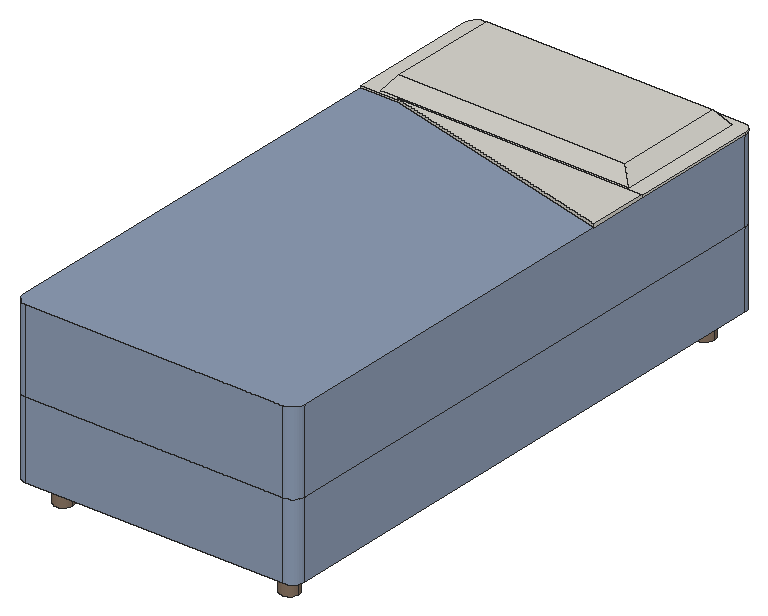
Revit family
Parameters (values of type "Single")
  Width = 920 mm
  Length = 1880 mm
  Height = 600 mm
  Feet = 80 mm
  Base = 250 mm
Types (3, lengths in mm): name | Width | Length
  (no name) | 920 | 1880
  Single | 920 | 1880
  King Single | 1070 | 2030
Reference planes
  plane 1 "Center (Front/Back)": y = 0
  plane 2: z = 0
  plane 3 "Center (Left/Right)": x = -22.674
  plane 4: y = -1880
  plane 5: x = -482.674
  plane 6: x = 437.326
  plane 7 "Base": z = 80
  plane 8 "Mattress": z = 330
  plane 9 "Top": z = 600
  plane 10: y = -1790
  plane 11: y = -90
  plane 12: x = -392.674
  plane 13: x = 347.326
Forms (mm)
  Extrusion 1, solid, material "Fabric.Bed.Cover"
    sketch origin (0, 0, 80) x (0, -1, 0) y (1, 0, 0)
      loop
        line (1880, -442.674) -> (1880, 397.326)
        arc (1880, 397.326) -> (1868.284, 425.61) -> (1840, 437.326) r 40
        line (1840, 437.326) -> (40, 437.326)
        arc (40, 437.326) -> (11.716, 425.61) -> (0, 397.326) r 40
        line (0, 397.326) -> (0, -442.674)
        arc (0, -442.674) -> (11.716, -470.958) -> (40, -482.674) r 40
        line (40, -482.674) -> (1840, -482.674)
        arc (1840, -482.674) -> (1868.284, -470.958) -> (1880, -442.674) r 40
    from 0 to 250
  Extrusion 2, solid, material "Fabric.Bed.Cover"
    sketch origin (0, 0, 330) x (0, -1, 0) y (1, 0, 0)
      loop
        arc (0, -442.674) -> (11.716, -470.958) -> (40, -482.674) r 40
        line (40, -482.674) -> (1840, -482.674)
        arc (1840, -482.674) -> (1868.284, -470.958) -> (1880, -442.674) r 40
        line (1880, -442.674) -> (1880, 397.326)
        arc (1880, 397.326) -> (1868.284, 425.61) -> (1840, 437.326) r 40
        line (1840, 437.326) -> (40, 437.326)
        arc (40, 437.326) -> (11.716, 425.61) -> (0, 397.326) r 40
        line (0, 397.326) -> (0, -442.674)
    from 0 to 270
  Extrusion 3, solid, material "Wood.Teak"
    sketch origin (0, 0, 0) x (1, 0, 0) y (0, 1, 0)
      loop
        circle (-392.674, -90) r 30
      loop
        circle (347.326, -90) r 30
      loop
        circle (-392.674, -1790) r 30
      loop
        circle (347.326, -1790) r 30
    from 0 to 80
  Extrusion 4, solid, material "Fabric.Bed.Linen"
    sketch origin (0, 0, 600) x (0, -1, 0) y (1, 0, 0)
      loop
        line (460, -362.674) -> (657.678, 437.326) -> (460, 437.326) -> (460, -362.674)
    from 0 to 10
  Extrusion 5, solid, material "Fabric.Bed.Linen"
    sketch origin (0, 0, 600) x (0, -1, 0) y (1, 0, 0)
      loop
        line (460, -482.674) -> (460, 437.326) -> (40, 437.326)
        arc (40, 437.326) -> (11.716, 425.61) -> (0, 397.326) r 40
        line (0, 397.326) -> (0, -442.674)
        arc (0, -442.674) -> (11.716, -470.958) -> (40, -482.674) r 40
        line (40, -482.674) -> (460, -482.674)
    from 0 to 5
  Blend 6, solid, material "Fabric.Bed.Linen"
    base sketch origin (0, 0, 600) x (0, -1, 0) y (1, 0, 0)
      loop
        line (446.212, -427.542) -> (446.212, 382.458) -> (26.212, 382.458) -> (26.212, -427.542) -> (446.212, -427.542)
    top sketch origin (0, 0, 600) x (0, -1, 0) y (1, 0, 0)
      loop
        line (60, -392.674) -> (420, -392.674) -> (420, 347.326) -> (60, 347.326) -> (60, -392.674)
    from 5 to 50
Lines and regions (mm)
  model lines
    curve 1: line (-482.674, -460, 600) -> (437.326, -460, 600)
    curve 2: line (-362.674, -460, 600) -> (437.326, -657.678, 600)
    curve 3: line (-427.542, -26.212, 600) -> (-427.542, -446.212, 600)
    curve 4: line (382.458, -26.212, 600) -> (-427.542, -26.212, 600)
    curve 5: line (-427.542, -446.212, 600) -> (382.458, -446.212, 600)
    curve 6: line (382.458, -446.212, 600) -> (382.458, -26.212, 600)
  symbolic lines
    curve 7: line (-427.542, -446.212, 0) -> (382.458, -446.212, 0)
    curve 8: line (-427.542, -26.212, 0) -> (-427.542, -446.212, 0)
    curve 9: line (382.458, -26.212, 0) -> (-427.542, -26.212, 0)
    curve 10: line (382.458, -446.212, 0) -> (382.458, -26.212, 0)
    curve 11: line (-427.542, -26.212, 0) -> (-392.674, -60, 0)
    curve 12: line (382.458, -26.212, 0) -> (347.326, -60, 0)
    curve 13: line (382.458, -446.212, 0) -> (347.326, -420, 0)
    curve 14: line (-427.542, -446.212, 0) -> (-392.674, -420, 0)
Dimensions and locks
  equal spacing: plane 5, plane 3 "Center (Left/Right)", plane 6
  "Length": plane 4 to plane 1 "Center (Front/Back)"
  "Width": plane 5 to plane 6
  "Feet": plane 7 "Base" to plane 2
  "Base": plane 8 "Mattress" to plane 7 "Base"
  "Height": plane 9 "Top" to plane 2
  locked: plane 1 "Center (Front/Back)" to plane 11 at 90
  locked: plane 4 to plane 10 at 90
  locked: plane 5 to plane 12 at 90
  locked: plane 13 to plane 6 at 90
Automatic sketch dimensions
  Extrusion 1 sketch curve to plane 1 "Center (Front/Back)" = 0 mm
  Extrusion 1 sketch curve to plane 6 = 0 mm
  Extrusion 1 sketch curve to plane 5 = 0 mm
  Extrusion 1 sketch curve to plane 4 = 0 mm
  plane 1 "Center (Front/Back)" to Extrusion 1 sketch curve = 40 mm  (x2)
  Extrusion 1 sketch curve to Extrusion 1 sketch curve = 40 mm
  Extrusion 1 sketch curve to plane 4 = 40 mm
  plane 1 "Center (Front/Back)" to Extrusion 2 sketch curve = 40 mm
  Extrusion 2 sketch curve to plane 1 "Center (Front/Back)" = 0 mm
  plane 6 to Extrusion 2 sketch curve = 40 mm
  Extrusion 2 sketch curve to plane 6 = 0 mm
  Extrusion 2 sketch curve to plane 4 = 40 mm  (x2)
  Extrusion 2 sketch curve to plane 5 = 0 mm
  Extrusion 2 sketch curve to plane 4 = 0 mm
  Extrusion 3 sketch curve to plane 10 = 0 mm  (x2)
  Extrusion 3 sketch curve to plane 12 = 0 mm  (x2)
  Extrusion 3 sketch curve to plane 11 = 0 mm  (x2)
  Extrusion 3 sketch curve to plane 13 = 0 mm  (x2)
  Extrusion 4 sketch curve to plane 6 = 0 mm
  Extrusion 4 sketch curve to plane 11 = 370 mm
  plane 12 to Extrusion 4 sketch curve = 30 mm
  Extrusion 4 sketch curve to Extrusion 4 sketch curve = 197.678 mm
  Extrusion 5 sketch curve to plane 1 "Center (Front/Back)" = 0 mm
  Extrusion 5 sketch curve to plane 5 = 0 mm
  Extrusion 5 sketch curve to plane 6 = 0 mm
  plane 1 "Center (Front/Back)" to Extrusion 5 sketch curve = 40 mm  (x2)
  Extrusion 5 sketch curve to plane 11 = 370 mm
  plane 1 "Center (Front/Back)" to Blend 6 sketch curve = 26.212 mm
  plane 13 to Blend 6 sketch curve = 35.132 mm
  Blend 6 sketch curve to plane 11 = 356.212 mm
  Blend 6 sketch curve to plane 12 = 34.868 mm
  Blend 6 sketch curve to plane 13 = 0 mm
  Blend 6 sketch curve to plane 12 = 0 mm
  plane 11 to Blend 6 sketch curve = 30 mm
  Blend 6 sketch curve to plane 11 = 330 mm
  curve 1 to plane 5 = 0 mm
  curve 11 to plane 12 = 0 mm
  curve 14 to plane 12 = 0 mm
  curve 13 to plane 13 = 0 mm
  curve 12 to plane 13 = 0 mm
  curve 1 to plane 6 = 0 mm
  curve 2 to plane 6 = 0 mm
  curve 14 to plane 12 = 34.868 mm
  curve 3 to curve 11 = 0 mm
  plane 12 to curve 2 = 30 mm
  plane 13 to curve 9 = 35.132 mm
  curve 5 to curve 10 = 0 mm
  curve 2 to plane 11 = 567.678 mm
  curve 2 to plane 11 = 370 mm
  curve 1 to curve 14 = 13.788 mm
  curve 3 to curve 14 = 0 mm
  curve 3 to curve 14 = 26.212 mm
  curve 5 to curve 13 = 26.212 mm
  plane 11 to curve 11 = 30 mm
  plane 11 to curve 12 = 30 mm
  plane 1 "Center (Front/Back)" to curve 10 = 26.212 mm
  curve 6 to curve 9 = 0 mm
  radius of Extrusion 3 sketch curve = 30 mm  (x4)
